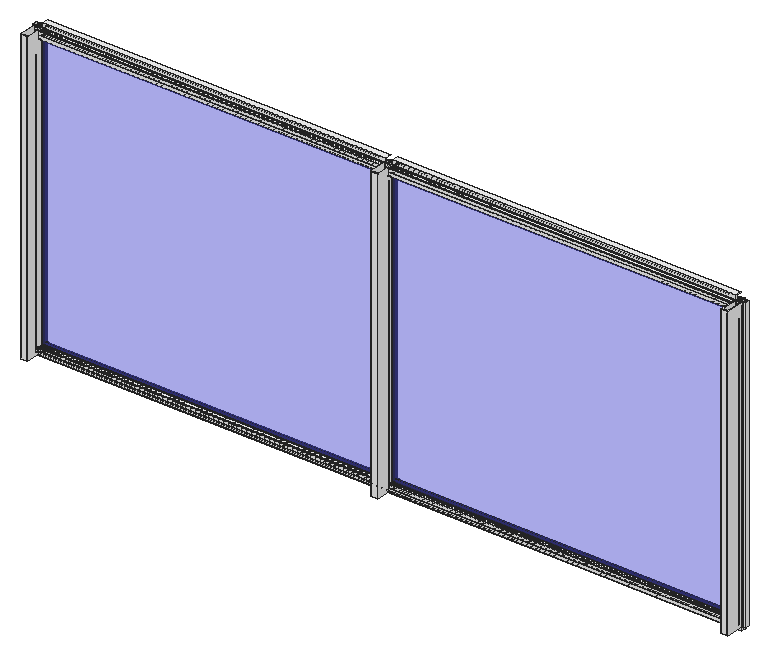
Revit family "Facade_60_Curtain_Wall_E21_Standard", category Windows, host Wall, Revit 2014 (continued)
Definition of nested family "F60 Vertical Profile Middle_E21_Std"
  Forms (mm)
    Extrusion 2, solid, material <- "Thermal Break Material"
      sketch origin (0, 0, 0) x (1, 0, 0) y (0, 1, 0)
        loop
          arc (53.05, 8.456) -> (53.474, 8.281) -> (53.65, 7.856) r 0.6
          line (53.65, 7.856) -> (53.65, 3.9) -> (60, 3.9) -> (60, 5.2) -> (58.25, 5.2) -> (58.25, 9.8) -> (30, 9.8) -> (1.75, 9.8)
      from 0 to 250 <- "Length"
    Extrusion 3, solid, material <- "Thermal Break Material", visible <- "Single Glazing"
      sketch origin (0, 0, 0) x (1, 0, 0) y (0, 1, 0)
        loop
          line (25.749, -14.011) -> (27.672, -14.011) -> (28.481, -12.611) -> (31.518, -12.611) -> (32.327, -14.011) -> (34.249, -14.011)
          arc (34.249, -14.011) -> (34.603, -13.864) -> (34.749, -13.511) r 0.5
          line (34.749, -13.511) -> (34.749, -10.011)
          arc (34.749, -10.011) -> (34.603, -9.657) -> (34.249, -9.511) r 0.5
          line (34.249, -9.511) -> (32.352, -9.511) -> (32.352, 0.19) -> (31.349, 2.261)
          arc (31.349, 2.261) -> (29.999, 2.986) -> (28.649, 2.261) r 1.62
          line (28.649, 2.261) -> (27.647, 0.19) -> (27.647, -9.511) -> (25.749, -9.511)
          arc (25.749, -9.511) -> (25.396, -9.657) -> (25.249, -10.011) r 0.5
          line (25.249, -10.011) -> (25.249, -13.511)
          arc (25.249, -13.511) -> (25.396, -13.864) -> (25.749, -14.011) r 0.5
        loop
          line (28.504, -10.005) -> (28.504, -10.861)
          arc (28.504, -10.861) -> (28.651, -11.214) -> (29.004, -11.361) r 0.5
          line (29.004, -11.361) -> (30.994, -11.361)
          arc (30.994, -11.361) -> (31.348, -11.214) -> (31.494, -10.861) r 0.5
          line (31.494, -10.861) -> (31.494, -10.005) -> (30.708, -9.219)
          arc (30.708, -9.219) -> (30.383, -9.001) -> (29.999, -8.924) r 1.007
          arc (29.999, -8.924) -> (29.616, -8.999) -> (29.292, -9.217) r 0.986
          line (29.292, -9.217) -> (28.504, -10.005)
        loop
          arc (30.896, 1.935) -> (29.887, 2.44) -> (29.005, 1.735) r 1.047
          line (29.005, 1.735) -> (28.347, 0.374) -> (28.347, -6.993)
          arc (28.347, -6.993) -> (28.583, -7.417) -> (29.068, -7.441) r 0.5
          arc (29.068, -7.441) -> (29.999, -7.223) -> (30.93, -7.441) r 2.099
          arc (30.93, -7.441) -> (31.416, -7.417) -> (31.652, -6.993) r 0.5
          line (31.652, -6.993) -> (31.652, 0.374) -> (30.896, 1.935)
      from 0 to 250 <- "Length"
    Extrusion 4, solid, material <- "Profile Material", visible <- "Single Glazing"
      sketch origin (0, 0, 0) x (1, 0, 0) y (0, 1, 0)
        loop
          line (52.693, -14.011) -> (32.327, -14.011) -> (31.519, -12.611) -> (28.481, -12.611) -> (27.673, -14.011) -> (7.307, -14.011) -> (7.307, -15.011) -> (8.457, -15.011) -> (8.457, -16.261) -> (2.957, -16.261) -> (2.957, -15.011) -> (4.107, -15.011) -> (4.107, -14.011) -> (1.707, -14.011)
          arc (1.707, -14.011) -> (1.199, -14.293) -> (1.168, -14.873) r 0.6
          line (1.168, -14.873) -> (2.093, -16.772) -> (1.015, -17.298) -> (1.484, -18.261) -> (11.488, -18.261)
          arc (11.488, -18.261) -> (11.913, -18.085) -> (12.088, -17.661) r 0.6
          line (12.088, -17.661) -> (12.088, -16.811) -> (47.912, -16.811) -> (47.912, -17.661)
          arc (47.912, -17.661) -> (48.088, -18.085) -> (48.512, -18.261) r 0.6
          line (48.512, -18.261) -> (58.518, -18.261) -> (58.987, -17.298) -> (57.908, -16.772) -> (58.834, -14.874)
          arc (58.834, -14.874) -> (58.802, -14.293) -> (58.293, -14.011) r 0.6
          line (58.293, -14.011) -> (55.893, -14.011) -> (55.893, -15.011) -> (57.043, -15.011) -> (57.043, -16.261) -> (51.543, -16.261) -> (51.543, -15.011) -> (52.693, -15.011) -> (52.693, -14.011)
      from 0 to 250 <- "Length"
    Extrusion 5, solid, material <- "Profile Material", visible <- "Single Glazing"
      sketch origin (0, 0, 0) x (1, 0, 0) y (0, 1, 0)
        loop
          line (2.801, -18.261) -> (1.484, -18.261) -> (1.015, -17.298) -> (2.093, -16.772) -> (0.779, -14.076)
          arc (0.779, -14.076) -> (0.239, -14.21) -> (0.001, -14.713) r 0.65
          line (0.001, -14.713) -> (0.001, -28.068)
          arc (0.001, -28.068) -> (1.172, -30.897) -> (4.001, -32.068) r 4
          line (4.001, -32.068) -> (30.001, -32.068) -> (56.001, -32.068)
          arc (56.001, -32.068) -> (58.829, -30.897) -> (60.001, -28.068) r 4
          line (60.001, -28.068) -> (60.001, -14.713)
          arc (60.001, -14.713) -> (59.763, -14.21) -> (59.223, -14.076) r 0.65
          line (59.223, -14.076) -> (57.908, -16.772) -> (58.987, -17.298) -> (58.518, -18.261) -> (57.201, -18.261)
          arc (57.201, -18.261) -> (56.83, -18.425) -> (56.703, -18.811) r 0.5
          arc (56.703, -18.811) -> (56.83, -19.196) -> (57.201, -19.361) r 0.5
          line (57.201, -19.361) -> (58.951, -19.361) -> (58.951, -27.968)
          arc (58.951, -27.968) -> (58.131, -29.948) -> (56.151, -30.768) r 2.8
          line (56.151, -30.768) -> (30.001, -30.768) -> (3.851, -30.768)
          arc (3.851, -30.768) -> (1.871, -29.948) -> (1.051, -27.968) r 2.8
          line (1.051, -27.968) -> (1.051, -19.361) -> (2.801, -19.361)
          arc (2.801, -19.361) -> (3.172, -19.196) -> (3.298, -18.811) r 0.5
          arc (3.298, -18.811) -> (3.172, -18.425) -> (2.801, -18.261) r 0.5
      from 0 to 250 <- "Length"
    Extrusion 6, solid, material <- "Profile Material", visible <- "100mm Mullion"
      sketch origin (0, 0, 0) x (1, 0, 0) y (0, 1, 0)
        loop
          line (14.02, 13) -> (45.98, 13)
          arc (45.98, 13) -> (46.539, 12.842) -> (46.917, 12.4) r 1
          arc (46.917, 12.4) -> (47.285, 11.963) -> (47.833, 11.8) r 1
          line (47.833, 11.8) -> (58.15, 11.8) -> (58.15, 96.3) -> (47.833, 96.3)
          arc (47.833, 96.3) -> (47.285, 96.137) -> (46.917, 95.7) r 1
          arc (46.917, 95.7) -> (46.548, 95.263) -> (46, 95.1) r 1
          line (46, 95.1) -> (14, 95.1)
          arc (14, 95.1) -> (13.452, 95.263) -> (13.083, 95.7) r 1
          arc (13.083, 95.7) -> (12.715, 96.137) -> (12.167, 96.3) r 1
          line (12.167, 96.3) -> (1.85, 96.3) -> (1.85, 11.8) -> (12.167, 11.8)
          arc (12.167, 11.8) -> (12.715, 11.963) -> (13.083, 12.4) r 1
          arc (13.083, 12.4) -> (13.461, 12.842) -> (14.02, 13) r 1
        loop
          line (1.65, 9.856) -> (58.35, 9.856) -> (58.35, 5.2) -> (60, 5.2) -> (60, 98.8)
          arc (60, 98.8) -> (59.707, 99.507) -> (59, 99.8) r 1
          line (59, 99.8) -> (1, 99.8)
          arc (1, 99.8) -> (0.293, 99.507) -> (0, 98.8) r 1
          line (0, 98.8) -> (0, 5.2) -> (1.65, 5.2) -> (1.65, 9.856)
      from 0 to 250 <- "Length"
    Extrusion 7, solid, material <- "Profile Material", visible <- "160mm Mullion"
      sketch origin (0, 0, 0) x (1, 0, 0) y (0, 1, 0)
        loop
          arc (2.35, 15.6) -> (2.526, 15.176) -> (2.95, 15) r 0.6
          line (2.95, 15) -> (57.05, 15)
          arc (57.05, 15) -> (57.474, 15.176) -> (57.65, 15.6) r 0.6
          line (57.65, 15.6) -> (57.65, 153.7)
          arc (57.65, 153.7) -> (57.474, 154.124) -> (57.05, 154.3) r 0.6
          line (57.05, 154.3) -> (47.833, 154.3)
          arc (47.833, 154.3) -> (47.285, 154.137) -> (46.917, 153.7) r 1
          arc (46.917, 153.7) -> (46.548, 153.263) -> (46, 153.1) r 1
          line (46, 153.1) -> (14, 153.1)
          arc (14, 153.1) -> (13.452, 153.263) -> (13.083, 153.7) r 1
          arc (13.083, 153.7) -> (12.715, 154.137) -> (12.167, 154.3) r 1
          line (12.167, 154.3) -> (2.95, 154.3)
          arc (2.95, 154.3) -> (2.526, 154.124) -> (2.35, 153.7) r 0.6
          line (2.35, 153.7) -> (2.35, 15.6)
        loop
          arc (1, 159.8) -> (0.293, 159.507) -> (0, 158.8) r 1
          line (0, 158.8) -> (0, 5.2) -> (1.65, 5.2) -> (1.65, 10.013) -> (58.35, 10.013) -> (58.35, 5.2) -> (60, 5.2) -> (60, 158.8)
          arc (60, 158.8) -> (59.707, 159.507) -> (59, 159.8) r 1
          line (59, 159.8) -> (1, 159.8)
      from 0 to 250 <- "Length"
    Extrusion 8, solid, material <- "Profile Material", visible <- "190mm Mullion"
      sketch origin (0, 0, 0) x (1, 0, 0) y (0, 1, 0)
        loop
          line (57.25, 15.1) -> (57.25, 178.3)
          arc (57.25, 178.3) -> (56.957, 179.007) -> (56.25, 179.3) r 1
          line (56.25, 179.3) -> (3.75, 179.3)
          arc (3.75, 179.3) -> (3.043, 179.007) -> (2.75, 178.3) r 1
          line (2.75, 178.3) -> (2.75, 15.1)
          arc (2.75, 15.1) -> (2.984, 14.534) -> (3.55, 14.3) r 0.8
          line (3.55, 14.3) -> (56.45, 14.3)
          arc (56.45, 14.3) -> (57.016, 14.534) -> (57.25, 15.1) r 0.8
        loop
          line (60, 5.2) -> (60, 188.8)
          arc (60, 188.8) -> (59.707, 189.507) -> (59, 189.8) r 1
          line (59, 189.8) -> (1, 189.8)
          arc (1, 189.8) -> (0.293, 189.507) -> (0, 188.8) r 1
          line (0, 188.8) -> (0, 5.2) -> (1.65, 5.2) -> (1.65, 9.856) -> (58.35, 9.856) -> (58.35, 5.2) -> (60, 5.2)
      from 0 to 250 <- "Length"
    Extrusion 9, solid, material <- "Thermal Break Material", visible <- "Double Glazing"
      sketch origin (0, 0, 0) x (1, 0, 0) y (0, 1, 0)
        loop
          line (27.672, -28) -> (28.48, -26.6) -> (31.518, -26.6) -> (32.326, -28) -> (34.249, -28)
          arc (34.249, -28) -> (34.603, -27.854) -> (34.749, -27.5) r 0.5
          line (34.749, -27.5) -> (34.749, -10)
          arc (34.749, -10) -> (34.603, -9.646) -> (34.249, -9.5) r 0.5
          line (34.249, -9.5) -> (32.352, -9.5) -> (32.352, 0.198) -> (31.348, 2.272)
          arc (31.348, 2.272) -> (29.998, 2.997) -> (28.648, 2.272) r 1.62
          line (28.648, 2.272) -> (27.645, 0.201) -> (27.645, -9.5) -> (25.749, -9.5)
          arc (25.749, -9.5) -> (25.396, -9.646) -> (25.249, -10) r 0.5
          line (25.249, -10) -> (25.249, -27.5)
          arc (25.249, -27.5) -> (25.396, -27.854) -> (25.749, -28) r 0.5
          line (25.749, -28) -> (27.672, -28)
        loop
          arc (30.706, -9.206) -> (30.382, -8.99) -> (29.999, -8.913) r 1.007
          arc (29.999, -8.913) -> (29.616, -8.988) -> (29.292, -9.206) r 0.986
          line (29.292, -9.206) -> (27.142, -11.356)
          arc (27.142, -11.356) -> (26.926, -11.68) -> (26.849, -12.063) r 1
          line (26.849, -12.063) -> (26.849, -24)
          arc (26.849, -24) -> (27.142, -24.707) -> (27.849, -25) r 1
          line (27.849, -25) -> (32.149, -25)
          arc (32.149, -25) -> (32.856, -24.707) -> (33.149, -24) r 1
          line (33.149, -24) -> (33.149, -12.063)
          arc (33.149, -12.063) -> (33.073, -11.68) -> (32.856, -11.356) r 1
          line (32.856, -11.356) -> (30.706, -9.206)
        loop
          arc (28.345, -6.982) -> (28.581, -7.407) -> (29.067, -7.43) r 0.5
          arc (29.067, -7.43) -> (29.998, -7.213) -> (30.929, -7.43) r 2.099
          arc (30.929, -7.43) -> (31.414, -7.407) -> (31.651, -6.982) r 0.5
          line (31.651, -6.982) -> (31.651, 0.385) -> (30.895, 1.946)
          arc (30.895, 1.946) -> (29.885, 2.45) -> (29.004, 1.745) r 1.047
          line (29.004, 1.745) -> (28.345, 0.385) -> (28.345, -6.982)
      from 0 to 250 <- "Length"
    Extrusion 10, solid, material <- "Profile Material", visible <- "Double Glazing"
      sketch origin (0, 0, 0) x (1, 0, 0) y (0, 1, 0)
        loop
          line (52.692, -28) -> (32.327, -28) -> (31.518, -26.6) -> (28.48, -26.6) -> (27.672, -28) -> (7.306, -28) -> (7.306, -29) -> (8.456, -29) -> (8.456, -30.25) -> (2.956, -30.25) -> (2.956, -29) -> (4.106, -29) -> (4.106, -28) -> (1.706, -28)
          arc (1.706, -28) -> (1.198, -28.282) -> (1.167, -28.863) r 0.6
          line (1.167, -28.863) -> (2.093, -30.762) -> (1.014, -31.288) -> (1.483, -32.25) -> (11.488, -32.25)
          arc (11.488, -32.25) -> (11.912, -32.074) -> (12.088, -31.65) r 0.6
          line (12.088, -31.65) -> (12.088, -30.8) -> (47.911, -30.8) -> (47.911, -31.65)
          arc (47.911, -31.65) -> (48.087, -32.074) -> (48.511, -32.25) r 0.6
          line (48.511, -32.25) -> (58.517, -32.25) -> (58.986, -31.288) -> (57.907, -30.762) -> (58.833, -28.864)
          arc (58.833, -28.864) -> (58.801, -28.282) -> (58.292, -28) r 0.6
          line (58.292, -28) -> (55.892, -28) -> (55.892, -29) -> (57.042, -29) -> (57.042, -30.25) -> (51.542, -30.25) -> (51.542, -29) -> (52.692, -29) -> (52.692, -28)
      from 0 to 250 <- "Length"
    Extrusion 11, solid, material <- "Profile Material", visible <- "Double Glazing"
      sketch origin (0, 0, 0) x (1, 0, 0) y (0, 1, 0)
        loop
          line (2.8, -32.25) -> (1.483, -32.25) -> (1.014, -31.288) -> (2.093, -30.762) -> (0.778, -28.065)
          arc (0.778, -28.065) -> (0.238, -28.2) -> (0, -28.702) r 0.65
          line (0, -28.702) -> (0, -42.058)
          arc (0, -42.058) -> (1.172, -44.886) -> (4, -46.058) r 4
          line (4, -46.058) -> (30, -46.058) -> (56, -46.058)
          arc (56, -46.058) -> (58.828, -44.886) -> (60, -42.058) r 4
          line (60, -42.058) -> (60, -28.702)
          arc (60, -28.702) -> (59.762, -28.2) -> (59.222, -28.065) r 0.65
          line (59.222, -28.065) -> (57.907, -30.762) -> (58.986, -31.288) -> (58.517, -32.25) -> (57.2, -32.25)
          arc (57.2, -32.25) -> (56.829, -32.415) -> (56.703, -32.8) r 0.5
          arc (56.703, -32.8) -> (56.829, -33.185) -> (57.2, -33.35) r 0.5
          line (57.2, -33.35) -> (58.95, -33.35) -> (58.95, -41.958)
          arc (58.95, -41.958) -> (58.13, -43.938) -> (56.15, -44.758) r 2.8
          line (56.15, -44.758) -> (30, -44.758) -> (3.85, -44.758)
          arc (3.85, -44.758) -> (1.87, -43.938) -> (1.05, -41.958) r 2.8
          line (1.05, -41.958) -> (1.05, -33.35) -> (2.8, -33.35)
          arc (2.8, -33.35) -> (3.171, -33.185) -> (3.297, -32.8) r 0.5
          arc (3.297, -32.8) -> (3.171, -32.415) -> (2.8, -32.25) r 0.5
      from 0 to 250 <- "Length"
    Extrusion 12, solid, material <- "Profile Material", visible <- "Double Glazing"
      sketch origin (0, 0, 0) x (1, 0, 0) y (0, 1, 0)
        loop
          line (12, -7.775) -> (0, -7.775) -> (0, -25.775) -> (12, -25.775) -> (12, -7.775)
        loop
          line (10.8, -8.975) -> (1.2, -8.975) -> (1.2, -24.575) -> (10.8, -24.575) -> (10.8, -8.975)
      from 0 to 250 <- "Length"
  Lines and regions (mm)
    model lines, style "GenericModelHiddenLines", visible <- "Half 100mm Expansion Break"
      curve 1: line (60, 5.2, 125) -> (60, 95.2, 125)
      curve 2: line (60, 99.8, 125) -> (0, 99.8, 125)
      curve 8: line (0, 5.2, 125) -> (0, 95.2, 125)
    model lines, style "GenericModelHiddenLines", visible <- "Quarter 100mm Expansion Break"
      curve 3: line (60, 5.2, 187.5) -> (60, 95.2, 187.5)
      curve 4: line (60, 5.2, 62.5) -> (60, 95.2, 62.5)
      curve 5: line (60, 99.8, 62.5) -> (0, 99.8, 62.5)
      curve 6: line (60, 99.8, 187.5) -> (0, 99.8, 187.5)
      curve 7: line (0, 5.2, 187.5) -> (0, 95.2, 187.5)
      curve 9: line (0, 5.2, 62.5) -> (0, 95.2, 62.5)
    model lines, style "GenericModelHiddenLines", visible <- "Half SG Expansion Break"
      curve 10: line (4.107, -32.068, 125) -> (55.893, -32.068, 125)
      curve 14: line (60.001, -14.011, 125) -> (60.001, -32.068, 125)
    model lines, style "GenericModelHiddenLines", visible <- "Quarter SG Expansion Break"
      curve 11: line (4.107, -32.068, 187.5) -> (56.703, -32.068, 187.5)
      curve 12: line (4.107, -32.068, 62.5) -> (56.703, -32.068, 62.5)
      curve 13: line (60.001, -14.011, 187.5) -> (60.001, -32.068, 187.5)
      curve 15: line (60.001, -14.011, 62.5) -> (60.001, -32.068, 62.5)
    model lines, style "GenericModelHiddenLines", visible <- "Quarter 160mm Expansion Break"
      curve 16: line (0, 5.2, 187.5) -> (0, 155.2, 187.5)
      curve 18: line (0, 5.2, 62.5) -> (0, 155.2, 62.5)
      curve 19: line (0, 159.8, 187.5) -> (60, 159.8, 187.5)
      curve 21: line (0, 159.8, 62.5) -> (60, 159.8, 62.5)
      curve 22: line (60, 5.2, 187.5) -> (60, 155.2, 187.5)
      curve 24: line (60, 5.2, 62.5) -> (60, 155.2, 62.5)
    model lines, style "GenericModelHiddenLines", visible <- "Half 160mm Expansion Break"
      curve 17: line (0, 5.2, 125) -> (0, 155.2, 125)
      curve 20: line (0, 159.8, 125) -> (60, 159.8, 125)
      curve 23: line (60, 5.2, 125) -> (60, 155.2, 125)
    model lines, style "GenericModelHiddenLines", visible <- "Quarter 190mm Expansion Break"
      curve 25: line (0, 5.2, 187.5) -> (0, 185.2, 187.5)
      curve 27: line (0, 5.2, 62.5) -> (0, 185.2, 62.5)
      curve 28: line (0.779, 189.8, 187.5) -> (59.222, 189.8, 187.5)
      curve 30: line (0.779, 189.8, 62.5) -> (59.222, 189.8, 62.5)
      curve 31: line (60, 5.2, 187.5) -> (60, 185.2, 187.5)
      curve 33: line (60, 5.2, 62.5) -> (60, 185.2, 62.5)
    model lines, style "GenericModelHiddenLines", visible <- "Half 190mm Expansion Joint"
      curve 26: line (0, 5.2, 125) -> (0, 185.2, 125)
      curve 29: line (0.779, 189.8, 125) -> (59.222, 189.8, 125)
      curve 32: line (60, 5.2, 125) -> (60, 185.2, 125)
    model lines, style "GenericModelHiddenLines", visible <- "Quarter DG Expansion Break"
      curve 34: line (60, -28.065, 187.5) -> (60, -46.074, 187.5)
      curve 36: line (60, -28.065, 62.5) -> (60, -46.027, 62.5)
      curve 37: line (59.222, -46.058, 187.5) -> (0.779, -46.058, 187.5)
      curve 39: line (59.222, -46.058, 62.5) -> (0.779, -46.058, 62.5)
    model lines, style "GenericModelHiddenLines", visible <- "Half DG Expansion Break"
      curve 35: line (60, -28.065, 125) -> (60, -46.074, 125)
      curve 38: line (59.222, -46.058, 125) -> (0.779, -46.058, 125)
  Dimensions and locks
    "Half Length": curve 1 to level
    "Half Length": level to curve 2
    "Quarter Length": curve 4 to level
    "Quarter Length": Extrusion 8 to curve 3
    "Quarter Length": level to curve 5
    "Quarter Length": curve 6 to Extrusion 6
    "Quarter Length": curve 9 to level
    "Half Length": curve 8 to level
    "Quarter Length": Extrusion 8 to curve 7
    "Quarter Length": curve 12 to level
    "Half Length": curve 10 to level
    "Quarter Length": Extrusion 5 to curve 11
    "Quarter Length": curve 15 to level
    "Half Length": curve 14 to level
    "Quarter Length": Extrusion 5 to curve 13
    "Quarter Length": Extrusion 7 to curve 18
    "Half Length": Extrusion 7 to curve 17
    "Quarter Length": Extrusion 7 to curve 16
    "Quarter Length": Extrusion 7 to curve 21
    "Quarter Length": curve 19 to Extrusion 7
    "Half Length": Extrusion 7 to curve 20
    "Quarter Length": Extrusion 7 to curve 24
    "Quarter Length": Extrusion 7 to curve 22
    "Half Length": Extrusion 7 to curve 23
    "Quarter Length": Extrusion 8 to curve 27
    "Quarter Length": Extrusion 8 to curve 25
    "Half Length": Extrusion 8 to curve 26
    "Quarter Length": Extrusion 8 to curve 30
    "Quarter Length": curve 28 to Extrusion 8
    "Half Length": Extrusion 8 to curve 29
    "Quarter Length": Extrusion 8 to curve 33
    "Quarter Length": Extrusion 8 to curve 31
    "Half Length": Extrusion 8 to curve 32
    "Quarter Length": Extrusion 11 to curve 36
    "Quarter Length": Extrusion 11 to curve 34
    "Half Length": Extrusion 11 to curve 35
    "Quarter Length": Extrusion 11 to curve 37
    "Quarter Length": curve 39 to Extrusion 11
    "Half Length": curve 38 to Extrusion 11
    aligned and locked: level to plane 2
  Automatic sketch dimensions
    Extrusion 1 sketch curve to plane 3 "Center (Left/Right)" = 0 mm
    plane 1 "Center (Front/Back)" to Extrusion 1 sketch curve = 0 mm  (x4)
    plane 3 "Center (Left/Right)" to Extrusion 1 sketch curve = 0.5 mm
    Extrusion 1 sketch curve to Extrusion 1 sketch curve = 0.7 mm  (x2)
    Extrusion 1 sketch curve to Extrusion 1 sketch curve = 1.15 mm  (x4)
    Extrusion 1 sketch curve to Extrusion 1 sketch curve = 3.2 mm  (x2)
    Extrusion 1 sketch curve to Extrusion 1 sketch curve = 0.9 mm
    Extrusion 1 sketch curve to Extrusion 1 sketch curve = 0.25 mm
    Extrusion 1 sketch curve to Extrusion 1 sketch curve = 0.8 mm  (x7)
    Extrusion 1 sketch curve to Extrusion 1 sketch curve = 1.45 mm  (x2)
    Extrusion 1 sketch curve to Extrusion 1 sketch curve = 0.65 mm  (x3)
    Extrusion 1 sketch curve to Extrusion 1 sketch curve = 0.95 mm  (x3)
    Extrusion 1 sketch curve to Extrusion 1 sketch curve = 0.6 mm  (x3)
    Extrusion 1 sketch curve to plane 1 "Center (Front/Back)" = 7 mm
    Extrusion 1 sketch curve to Extrusion 1 sketch curve = 14.999 mm  (x2)
    plane 1 "Center (Front/Back)" to Extrusion 1 sketch curve = 8.7 mm
    Extrusion 1 sketch curve to Extrusion 1 sketch curve = 1.85 mm
    Extrusion 1 sketch curve to Extrusion 1 sketch curve = 2.9 mm
    Extrusion 1 sketch curve to Extrusion 1 sketch curve = 5.802 mm
    Extrusion 1 sketch curve to Extrusion 1 sketch curve = 1.049 mm
    Extrusion 1 sketch curve to plane 1 "Center (Front/Back)" = 4.55 mm
    Extrusion 1 sketch curve to plane 1 "Center (Front/Back)" = 0.5 mm  (x3)
    Extrusion 1 sketch curve to Extrusion 1 sketch curve = 1.2 mm
    Extrusion 1 sketch curve to plane 1 "Center (Front/Back)" = 1.15 mm  (x2)
    Extrusion 1 sketch curve to Extrusion 1 sketch curve = 0 mm
    Extrusion 1 sketch curve to Extrusion 1 sketch curve = 1.3 mm  (x2)
    Extrusion 1 sketch curve to Extrusion 1 sketch curve = 0.05 mm  (x2)
    Extrusion 1 sketch curve to Extrusion 1 sketch curve = 0.85 mm  (x2)
    Extrusion 1 sketch curve to plane 1 "Center (Front/Back)" = 6.2 mm
    Extrusion 2 sketch curve to plane 3 "Center (Left/Right)" = 0 mm
    plane 3 "Center (Left/Right)" to Extrusion 2 sketch curve = 1.75 mm
    Extrusion 2 sketch curve to Extrusion 2 sketch curve = 4.6 mm  (x4)
    Extrusion 2 sketch curve to Extrusion 2 sketch curve = 0.6 mm  (x2)
    Extrusion 2 sketch curve to plane 1 "Center (Front/Back)" = 9.8 mm
    Extrusion 2 sketch curve to Extrusion 2 sketch curve = 23.05 mm  (x2)
    Extrusion 2 sketch curve to Extrusion 2 sketch curve = 0 mm
    Extrusion 2 sketch curve to plane 1 "Center (Front/Back)" = 8.456 mm
    Extrusion 2 sketch curve to Extrusion 2 sketch curve = 1.75 mm
    Extrusion 2 sketch curve to plane 1 "Center (Front/Back)" = 3.9 mm  (x2)
    plane 3 "Center (Left/Right)" to Extrusion 3 sketch curve = 25.249 mm
    Extrusion 3 sketch curve to Extrusion 3 sketch curve = 0.5 mm  (x6)
    Extrusion 3 sketch curve to plane 1 "Center (Front/Back)" = 0.19 mm  (x2)
    Extrusion 3 sketch curve to Extrusion 3 sketch curve = 1.897 mm  (x2)
    Extrusion 3 sketch curve to Extrusion 3 sketch curve = 1.922 mm  (x2)
    Extrusion 3 sketch curve to plane 1 "Center (Front/Back)" = 0.374 mm  (x2)
    Extrusion 3 sketch curve to Extrusion 3 sketch curve = 0.7 mm  (x2)
    plane 1 "Center (Front/Back)" to Extrusion 3 sketch curve = 12.611 mm
    Extrusion 3 sketch curve to Extrusion 3 sketch curve = 0.809 mm
    Extrusion 3 sketch curve to Extrusion 3 sketch curve = 0.858 mm
    Extrusion 3 sketch curve to plane 1 "Center (Front/Back)" = 2.261 mm  (x2)
    Extrusion 3 sketch curve to Extrusion 3 sketch curve = 0.303 mm
    Extrusion 3 sketch curve to plane 1 "Center (Front/Back)" = 1.735 mm
    Extrusion 3 sketch curve to Extrusion 3 sketch curve = 0.356 mm
    plane 1 "Center (Front/Back)" to Extrusion 3 sketch curve = 9.217 mm
    Extrusion 3 sketch curve to Extrusion 3 sketch curve = 0.788 mm
    Extrusion 3 sketch curve to Extrusion 3 sketch curve = 0.701 mm
    Extrusion 3 sketch curve to Extrusion 3 sketch curve = 0.003 mm
    Extrusion 3 sketch curve to Extrusion 3 sketch curve = 0.992 mm
    Extrusion 3 sketch curve to Extrusion 3 sketch curve = 0.006 mm
    Extrusion 3 sketch curve to Extrusion 3 sketch curve = 0.002 mm
    plane 1 "Center (Front/Back)" to Extrusion 3 sketch curve = 9.219 mm
    Extrusion 3 sketch curve to Extrusion 3 sketch curve = 0.709 mm
    Extrusion 3 sketch curve to plane 1 "Center (Front/Back)" = 1.935 mm
    Extrusion 3 sketch curve to Extrusion 3 sketch curve = 0.899 mm
    Extrusion 3 sketch curve to Extrusion 3 sketch curve = 0.998 mm
    Extrusion 3 sketch curve to Extrusion 3 sketch curve = 0.444 mm
    Extrusion 3 sketch curve to Extrusion 3 sketch curve = 0.524 mm
    Extrusion 3 sketch curve to Extrusion 3 sketch curve = 0.756 mm
    Extrusion 3 sketch curve to Extrusion 3 sketch curve = 0.808 mm
    Extrusion 3 sketch curve to Extrusion 3 sketch curve = 0.9 mm  (x2)
    Extrusion 3 sketch curve to Extrusion 3 sketch curve = 1.25 mm
    Extrusion 3 sketch curve to Extrusion 3 sketch curve = 0.85 mm  (x2)
    Extrusion 3 sketch curve to Extrusion 3 sketch curve = 0.856 mm  (x2)
    Extrusion 3 sketch curve to Extrusion 3 sketch curve = 0.714 mm
    Extrusion 3 sketch curve to Extrusion 3 sketch curve = 0.02 mm
    Extrusion 3 sketch curve to Extrusion 3 sketch curve = 0.399 mm
    Extrusion 3 sketch curve to Extrusion 3 sketch curve = 2.224 mm
    Extrusion 3 sketch curve to Extrusion 3 sketch curve = 0.448 mm
    Extrusion 3 sketch curve to Extrusion 3 sketch curve = 0.032 mm
    Extrusion 3 sketch curve to Extrusion 3 sketch curve = 0 mm
    plane 3 "Center (Left/Right)" to Extrusion 4 sketch curve = 1.015 mm
    Extrusion 4 sketch curve to Extrusion 4 sketch curve = 0.469 mm
    plane 3 "Center (Left/Right)" to Extrusion 4 sketch curve = 1.707 mm
    Extrusion 4 sketch curve to Extrusion 4 sketch curve = 1.079 mm
    Extrusion 4 sketch curve to Extrusion 4 sketch curve = 0.864 mm
    Extrusion 4 sketch curve to Extrusion 4 sketch curve = 1.15 mm  (x4)
    Extrusion 4 sketch curve to Extrusion 4 sketch curve = 3.2 mm  (x2)
    Extrusion 4 sketch curve to Extrusion 4 sketch curve = 3.031 mm  (x2)
    Extrusion 4 sketch curve to Extrusion 4 sketch curve = 0.6 mm  (x3)
    Extrusion 4 sketch curve to Extrusion 4 sketch curve = 15.584 mm  (x2)
    plane 1 "Center (Front/Back)" to Extrusion 4 sketch curve = 12.611 mm
    Extrusion 4 sketch curve to Extrusion 4 sketch curve = 0.808 mm  (x2)
    Extrusion 4 sketch curve to Extrusion 4 sketch curve = 3.038 mm
    plane 1 "Center (Front/Back)" to Extrusion 4 sketch curve = 14.011 mm
    plane 1 "Center (Front/Back)" to Extrusion 4 sketch curve = 16.772 mm
    Extrusion 4 sketch curve to Extrusion 4 sketch curve = 0.865 mm
    Extrusion 4 sketch curve to Extrusion 4 sketch curve = 1.25 mm  (x4)
    plane 1 "Center (Front/Back)" to Extrusion 4 sketch curve = 18.261 mm
    Extrusion 4 sketch curve to Extrusion 4 sketch curve = 0.61 mm
    plane 1 "Center (Front/Back)" to Extrusion 4 sketch curve = 17.298 mm
    Extrusion 4 sketch curve to Extrusion 4 sketch curve = 5.65 mm
    Extrusion 4 sketch curve to Extrusion 4 sketch curve = 0.962 mm
    Extrusion 4 sketch curve to Extrusion 4 sketch curve = 0.85 mm
    Extrusion 4 sketch curve to Extrusion 4 sketch curve = 0.512 mm  (x2)
    Extrusion 4 sketch curve to Extrusion 4 sketch curve = 1 mm  (x2)
    Extrusion 4 sketch curve to Extrusion 4 sketch curve = 0.4 mm  (x2)
    Extrusion 4 sketch curve to Extrusion 4 sketch curve = 1.4 mm
    Extrusion 4 sketch curve to Extrusion 4 sketch curve = 0.539 mm  (x2)
    Extrusion 4 sketch curve to Extrusion 4 sketch curve = 0 mm
    plane 1 "Center (Front/Back)" to Extrusion 4 sketch curve = 14.874 mm
    plane 3 "Center (Left/Right)" to Extrusion 5 sketch curve = 0.001 mm
    Extrusion 5 sketch curve to Extrusion 5 sketch curve = 0.65 mm  (x2)
    Extrusion 5 sketch curve to Extrusion 5 sketch curve = 0.128 mm  (x2)
    plane 3 "Center (Left/Right)" to Extrusion 5 sketch curve = 1.015 mm
    plane 3 "Center (Left/Right)" to Extrusion 5 sketch curve = 1.051 mm
    Extrusion 5 sketch curve to Extrusion 5 sketch curve = 0.469 mm  (x2)
    Extrusion 5 sketch curve to Extrusion 5 sketch curve = 1.079 mm
    Extrusion 5 sketch curve to Extrusion 5 sketch curve = 1.317 mm  (x2)
    Extrusion 5 sketch curve to Extrusion 5 sketch curve = 0 mm  (x3)
    plane 3 "Center (Left/Right)" to Extrusion 5 sketch curve = 3.851 mm
    Extrusion 5 sketch curve to Extrusion 5 sketch curve = 0.15 mm  (x2)
    Extrusion 5 sketch curve to Extrusion 5 sketch curve = 26 mm  (x2)
    Extrusion 5 sketch curve to Extrusion 5 sketch curve = 1.05 mm
    plane 1 "Center (Front/Back)" to Extrusion 5 sketch curve = 16.772 mm
    Extrusion 5 sketch curve to Extrusion 5 sketch curve = 0.707 mm
    Extrusion 5 sketch curve to Extrusion 5 sketch curve = 0.433 mm
    plane 1 "Center (Front/Back)" to Extrusion 5 sketch curve = 17.298 mm
    plane 1 "Center (Front/Back)" to Extrusion 5 sketch curve = 14.076 mm
    Extrusion 5 sketch curve to Extrusion 5 sketch curve = 0.5 mm  (x2)
    plane 1 "Center (Front/Back)" to Extrusion 5 sketch curve = 18.761 mm
    Extrusion 5 sketch curve to Extrusion 5 sketch curve = 0.1 mm  (x3)
    Extrusion 5 sketch curve to Extrusion 5 sketch curve = 1.1 mm  (x2)
    Extrusion 5 sketch curve to Extrusion 5 sketch curve = 8.608 mm
    Extrusion 5 sketch curve to Extrusion 5 sketch curve = 0.962 mm
    Extrusion 6 sketch curve to plane 3 "Center (Left/Right)" = 0 mm
    plane 3 "Center (Left/Right)" to Extrusion 6 sketch curve = 1 mm
    plane 3 "Center (Left/Right)" to Extrusion 6 sketch curve = 1.65 mm
    plane 3 "Center (Left/Right)" to Extrusion 6 sketch curve = 1.85 mm
    Extrusion 6 sketch curve to Extrusion 6 sketch curve = 10.317 mm  (x3)
    Extrusion 6 sketch curve to Extrusion 6 sketch curve = 1.833 mm  (x4)
    Extrusion 6 sketch curve to Extrusion 6 sketch curve = 0.02 mm  (x2)
    Extrusion 6 sketch curve to plane 1 "Center (Front/Back)" = 13 mm
    Extrusion 6 sketch curve to Extrusion 6 sketch curve = 31.961 mm
    Extrusion 6 sketch curve to Extrusion 6 sketch curve = 32 mm
    Extrusion 6 sketch curve to Extrusion 6 sketch curve = 0.2 mm  (x5)
    Extrusion 6 sketch curve to Extrusion 6 sketch curve = 0.85 mm
    Extrusion 6 sketch curve to Extrusion 6 sketch curve = 1.65 mm
    Extrusion 6 sketch curve to Extrusion 6 sketch curve = 1 mm  (x8)
    Extrusion 6 sketch curve to Extrusion 6 sketch curve = 1.944 mm
    Extrusion 6 sketch curve to Extrusion 6 sketch curve = 4.656 mm  (x2)
    Extrusion 6 sketch curve to Extrusion 6 sketch curve = 82.1 mm
    Extrusion 6 sketch curve to Extrusion 6 sketch curve = 2.5 mm
    Extrusion 7 sketch curve to plane 3 "Center (Left/Right)" = 0 mm
    Extrusion 7 sketch curve to Extrusion 7 sketch curve = 1 mm  (x3)
    plane 3 "Center (Left/Right)" to Extrusion 7 sketch curve = 1.65 mm
    plane 3 "Center (Left/Right)" to Extrusion 7 sketch curve = 2.35 mm
    Extrusion 7 sketch curve to Extrusion 7 sketch curve = 0.6 mm  (x3)
    Extrusion 7 sketch curve to Extrusion 7 sketch curve = 9.217 mm  (x2)
    Extrusion 7 sketch curve to Extrusion 7 sketch curve = 1.833 mm  (x2)
    Extrusion 7 sketch curve to Extrusion 7 sketch curve = 32 mm
    Extrusion 7 sketch curve to plane 1 "Center (Front/Back)" = 15 mm
    Extrusion 7 sketch curve to Extrusion 7 sketch curve = 54.1 mm
    Extrusion 7 sketch curve to Extrusion 7 sketch curve = 1.3 mm
    Extrusion 7 sketch curve to Extrusion 7 sketch curve = 1.95 mm
    Extrusion 7 sketch curve to Extrusion 7 sketch curve = 1.65 mm
    Extrusion 7 sketch curve to Extrusion 7 sketch curve = 4.987 mm
    Extrusion 7 sketch curve to Extrusion 7 sketch curve = 4.813 mm
    Extrusion 7 sketch curve to Extrusion 7 sketch curve = 4.812 mm
    Extrusion 7 sketch curve to Extrusion 7 sketch curve = 137.5 mm
    Extrusion 7 sketch curve to Extrusion 7 sketch curve = 0.2 mm  (x2)
    Extrusion 7 sketch curve to Extrusion 7 sketch curve = 0.4 mm  (x2)
    Extrusion 7 sketch curve to Extrusion 7 sketch curve = 4.5 mm
    Extrusion 8 sketch curve to plane 3 "Center (Left/Right)" = 0 mm
    Extrusion 8 sketch curve to Extrusion 8 sketch curve = 1 mm  (x3)
    plane 3 "Center (Left/Right)" to Extrusion 8 sketch curve = 1.65 mm
    plane 3 "Center (Left/Right)" to Extrusion 8 sketch curve = 2.75 mm
    Extrusion 8 sketch curve to Extrusion 8 sketch curve = 0.8 mm  (x2)
    Extrusion 8 sketch curve to Extrusion 8 sketch curve = 52.5 mm
    Extrusion 8 sketch curve to plane 1 "Center (Front/Back)" = 15.1 mm
    Extrusion 8 sketch curve to Extrusion 8 sketch curve = 52.9 mm
    Extrusion 8 sketch curve to Extrusion 8 sketch curve = 1.9 mm
    Extrusion 8 sketch curve to Extrusion 8 sketch curve = 2.75 mm
    Extrusion 8 sketch curve to Extrusion 8 sketch curve = 4.444 mm
    Extrusion 8 sketch curve to Extrusion 8 sketch curve = 4.656 mm  (x2)
    Extrusion 8 sketch curve to Extrusion 8 sketch curve = 163.2 mm
    Extrusion 8 sketch curve to Extrusion 8 sketch curve = 9.5 mm
    plane 3 "Center (Left/Right)" to Extrusion 9 sketch curve = 25.249 mm
    Extrusion 9 sketch curve to Extrusion 9 sketch curve = 0.5 mm  (x4)
    Extrusion 9 sketch curve to Extrusion 9 sketch curve = 1.1 mm
    plane 1 "Center (Front/Back)" to Extrusion 9 sketch curve = 11.356 mm  (x2)
    Extrusion 9 sketch curve to Extrusion 9 sketch curve = 0.293 mm  (x2)
    Extrusion 9 sketch curve to Extrusion 9 sketch curve = 1.896 mm
    Extrusion 9 sketch curve to Extrusion 9 sketch curve = 1.922 mm
    Extrusion 9 sketch curve to Extrusion 9 sketch curve = 1 mm  (x2)
    Extrusion 9 sketch curve to Extrusion 9 sketch curve = 0.7 mm
    Extrusion 9 sketch curve to Extrusion 9 sketch curve = 0.808 mm
    Extrusion 9 sketch curve to plane 1 "Center (Front/Back)" = 2.272 mm  (x2)
    Extrusion 9 sketch curve to Extrusion 9 sketch curve = 0.303 mm
    Extrusion 9 sketch curve to plane 1 "Center (Front/Back)" = 1.745 mm
    Extrusion 9 sketch curve to Extrusion 9 sketch curve = 0.356 mm
    plane 1 "Center (Front/Back)" to Extrusion 9 sketch curve = 9.206 mm  (x2)
    Extrusion 9 sketch curve to Extrusion 9 sketch curve = 1.647 mm
    Extrusion 9 sketch curve to Extrusion 9 sketch curve = 0.701 mm
    Extrusion 9 sketch curve to Extrusion 9 sketch curve = 0.992 mm
    Extrusion 9 sketch curve to Extrusion 9 sketch curve = 0.003 mm
    Extrusion 9 sketch curve to Extrusion 9 sketch curve = 0.002 mm
    Extrusion 9 sketch curve to Extrusion 9 sketch curve = 0.004 mm
    Extrusion 9 sketch curve to Extrusion 9 sketch curve = 0.708 mm
    Extrusion 9 sketch curve to plane 1 "Center (Front/Back)" = 1.946 mm
    Extrusion 9 sketch curve to Extrusion 9 sketch curve = 0.899 mm
    Extrusion 9 sketch curve to Extrusion 9 sketch curve = 0.444 mm
    Extrusion 9 sketch curve to Extrusion 9 sketch curve = 3.038 mm
    Extrusion 9 sketch curve to plane 1 "Center (Front/Back)" = 0.385 mm  (x2)
    Extrusion 9 sketch curve to Extrusion 9 sketch curve = 0.756 mm
    Extrusion 9 sketch curve to Extrusion 9 sketch curve = 2.153 mm
    Extrusion 9 sketch curve to Extrusion 9 sketch curve = 0.631 mm
    Extrusion 9 sketch curve to Extrusion 9 sketch curve = 0.807 mm
    Extrusion 9 sketch curve to Extrusion 9 sketch curve = 1.646 mm
    Extrusion 9 sketch curve to Extrusion 9 sketch curve = 0.707 mm
    Extrusion 9 sketch curve to Extrusion 9 sketch curve = 1.393 mm
    Extrusion 9 sketch curve to Extrusion 9 sketch curve = 1.923 mm
    Extrusion 9 sketch curve to Extrusion 9 sketch curve = 11.937 mm
    Extrusion 9 sketch curve to Extrusion 9 sketch curve = 1.6 mm
    Extrusion 9 sketch curve to Extrusion 9 sketch curve = 0.9 mm  (x2)
    Extrusion 9 sketch curve to Extrusion 9 sketch curve = 1.356 mm  (x2)
    Extrusion 9 sketch curve to Extrusion 9 sketch curve = 0.714 mm
    Extrusion 9 sketch curve to Extrusion 9 sketch curve = 0.02 mm
    Extrusion 9 sketch curve to Extrusion 9 sketch curve = 0.399 mm
    Extrusion 9 sketch curve to Extrusion 9 sketch curve = 2.224 mm
    Extrusion 9 sketch curve to Extrusion 9 sketch curve = 0.448 mm
    Extrusion 9 sketch curve to plane 1 "Center (Front/Back)" = 0.198 mm
    Extrusion 9 sketch curve to plane 1 "Center (Front/Back)" = 0.201 mm
    Extrusion 9 sketch curve to Extrusion 9 sketch curve = 0.032 mm
    Extrusion 9 sketch curve to Extrusion 9 sketch curve = 0 mm
    plane 3 "Center (Left/Right)" to Extrusion 10 sketch curve = 1.014 mm
    Extrusion 10 sketch curve to Extrusion 10 sketch curve = 0.469 mm  (x2)
    plane 3 "Center (Left/Right)" to Extrusion 10 sketch curve = 1.706 mm
    Extrusion 10 sketch curve to Extrusion 10 sketch curve = 1.079 mm
    Extrusion 10 sketch curve to Extrusion 10 sketch curve = 0.864 mm
    Extrusion 10 sketch curve to Extrusion 10 sketch curve = 1.15 mm  (x4)
    Extrusion 10 sketch curve to Extrusion 10 sketch curve = 3.2 mm  (x2)
    Extrusion 10 sketch curve to Extrusion 10 sketch curve = 3.031 mm  (x2)
    Extrusion 10 sketch curve to Extrusion 10 sketch curve = 0.6 mm  (x3)
    Extrusion 10 sketch curve to Extrusion 10 sketch curve = 15.584 mm  (x2)
    Extrusion 10 sketch curve to Extrusion 10 sketch curve = 0.808 mm  (x2)
    Extrusion 10 sketch curve to Extrusion 10 sketch curve = 3.038 mm
    Extrusion 10 sketch curve to Extrusion 10 sketch curve = 0.865 mm
    Extrusion 10 sketch curve to Extrusion 10 sketch curve = 1.25 mm  (x5)
    Extrusion 10 sketch curve to Extrusion 10 sketch curve = 0.61 mm
    plane 1 "Center (Front/Back)" to Extrusion 10 sketch curve = 31.288 mm
    Extrusion 10 sketch curve to Extrusion 10 sketch curve = 0.362 mm
    plane 1 "Center (Front/Back)" to Extrusion 10 sketch curve = 31.65 mm
    Extrusion 10 sketch curve to Extrusion 10 sketch curve = 0.962 mm
    Extrusion 10 sketch curve to Extrusion 10 sketch curve = 0.85 mm
    Extrusion 10 sketch curve to Extrusion 10 sketch curve = 0.512 mm  (x2)
    Extrusion 10 sketch curve to Extrusion 10 sketch curve = 0.4 mm  (x2)
    Extrusion 10 sketch curve to Extrusion 10 sketch curve = 1 mm
    Extrusion 10 sketch curve to Extrusion 10 sketch curve = 2.8 mm
    Extrusion 10 sketch curve to Extrusion 10 sketch curve = 0 mm  (x2)
    Extrusion 10 sketch curve to Extrusion 10 sketch curve = 1.4 mm
    Extrusion 10 sketch curve to Extrusion 10 sketch curve = 0.539 mm  (x2)
    plane 1 "Center (Front/Back)" to Extrusion 10 sketch curve = 28.864 mm
    Extrusion 11 sketch curve to plane 3 "Center (Left/Right)" = 0 mm
    plane 3 "Center (Left/Right)" to Extrusion 11 sketch curve = 0.65 mm
    Extrusion 11 sketch curve to Extrusion 11 sketch curve = 0.128 mm  (x2)
    plane 3 "Center (Left/Right)" to Extrusion 11 sketch curve = 1.014 mm
    plane 3 "Center (Left/Right)" to Extrusion 11 sketch curve = 1.05 mm
    Extrusion 11 sketch curve to Extrusion 11 sketch curve = 0.469 mm  (x2)
    Extrusion 11 sketch curve to Extrusion 11 sketch curve = 1.079 mm
    Extrusion 11 sketch curve to Extrusion 11 sketch curve = 1.317 mm  (x2)
    Extrusion 11 sketch curve to Extrusion 11 sketch curve = 0 mm  (x3)
    plane 3 "Center (Left/Right)" to Extrusion 11 sketch curve = 3.85 mm
    Extrusion 11 sketch curve to Extrusion 11 sketch curve = 0.15 mm  (x2)
    Extrusion 11 sketch curve to Extrusion 11 sketch curve = 26 mm  (x2)
    Extrusion 11 sketch curve to Extrusion 11 sketch curve = 1.05 mm
    Extrusion 11 sketch curve to Extrusion 11 sketch curve = 0.707 mm
    Extrusion 11 sketch curve to Extrusion 11 sketch curve = 0.433 mm
    plane 1 "Center (Front/Back)" to Extrusion 11 sketch curve = 31.288 mm
    plane 1 "Center (Front/Back)" to Extrusion 11 sketch curve = 28.065 mm
    Extrusion 11 sketch curve to Extrusion 11 sketch curve = 1.314 mm
    Extrusion 11 sketch curve to Extrusion 11 sketch curve = 0.65 mm
    Extrusion 11 sketch curve to Extrusion 11 sketch curve = 0.5 mm  (x2)
    plane 1 "Center (Front/Back)" to Extrusion 11 sketch curve = 32.75 mm
    Extrusion 11 sketch curve to Extrusion 11 sketch curve = 0.1 mm  (x3)
    Extrusion 11 sketch curve to Extrusion 11 sketch curve = 1.1 mm  (x2)
    Extrusion 11 sketch curve to Extrusion 11 sketch curve = 8.608 mm
    Extrusion 11 sketch curve to Extrusion 11 sketch curve = 0.962 mm
    Extrusion 12 sketch curve to plane 3 "Center (Left/Right)" = 0 mm
    plane 3 "Center (Left/Right)" to Extrusion 12 sketch curve = 1.2 mm
    Extrusion 12 sketch curve to Extrusion 12 sketch curve = 9.6 mm
    Extrusion 12 sketch curve to Extrusion 12 sketch curve = 1.2 mm  (x3)
    plane 1 "Center (Front/Back)" to Extrusion 12 sketch curve = 25.775 mm
    plane 1 "Center (Front/Back)" to Extrusion 12 sketch curve = 8.975 mm
    curve 4 to Extrusion 6 = 0 mm
    curve 3 to Extrusion 6 = 0 mm
    curve 1 to Extrusion 6 = 0 mm
    curve 4 to Extrusion 6 = 3.6 mm
    curve 3 to Extrusion 6 = 3.6 mm
    curve 1 to Extrusion 6 = 3.6 mm
    Extrusion 6 to curve 2 = 1 mm
    Extrusion 6 to curve 5 = 1 mm
    Extrusion 6 to curve 6 = 1 mm
    curve 6 to Extrusion 6 = 1 mm
    curve 5 to Extrusion 6 = 1 mm
    curve 2 to Extrusion 6 = 1 mm
    curve 9 to Extrusion 6 = 0 mm
    curve 8 to Extrusion 6 = 0 mm
    curve 7 to Extrusion 6 = 0 mm
    Extrusion 6 to curve 8 = 3.6 mm
    Extrusion 6 to curve 9 = 3.6 mm
    Extrusion 6 to curve 7 = 3.6 mm
    curve 12 to Extrusion 5 = 25.894 mm
    curve 11 to Extrusion 5 = 25.894 mm
    curve 10 to Extrusion 5 = 25.894 mm
    curve 10 to Extrusion 5 = 0.108 mm
    Extrusion 5 to curve 12 = 0.703 mm
    Extrusion 5 to curve 11 = 0.703 mm
    curve 13 to Extrusion 5 = 4 mm
    curve 14 to Extrusion 5 = 4 mm
    curve 15 to Extrusion 5 = 4 mm
    Extrusion 5 to curve 15 = 0.702 mm
    Extrusion 5 to curve 14 = 0.702 mm
    Extrusion 5 to curve 13 = 0.702 mm
    curve 18 to Extrusion 7 = 0 mm
    curve 17 to Extrusion 7 = 0 mm
    curve 16 to Extrusion 7 = 0 mm
    Extrusion 7 to curve 17 = 3.6 mm
    Extrusion 7 to curve 18 = 3.6 mm
    Extrusion 7 to curve 16 = 3.6 mm
    Extrusion 7 to curve 21 = 1 mm  (x2)
    Extrusion 7 to curve 20 = 1 mm  (x2)
    Extrusion 7 to curve 19 = 1 mm  (x2)
    curve 24 to Extrusion 7 = 0 mm
    curve 23 to Extrusion 7 = 0 mm
    curve 22 to Extrusion 7 = 0 mm
    curve 24 to Extrusion 7 = 3.6 mm
    curve 23 to Extrusion 7 = 3.6 mm
    curve 22 to Extrusion 7 = 3.6 mm
    curve 27 to Extrusion 8 = 0 mm
    curve 26 to Extrusion 8 = 0 mm
    curve 25 to Extrusion 8 = 0 mm
    Extrusion 8 to curve 26 = 3.6 mm
    Extrusion 8 to curve 27 = 3.6 mm
    Extrusion 8 to curve 25 = 3.6 mm
    Extrusion 8 to curve 30 = 0.221 mm
    Extrusion 8 to curve 29 = 0.221 mm
    Extrusion 8 to curve 28 = 0.221 mm
    curve 29 to Extrusion 8 = 0.222 mm
    curve 30 to Extrusion 8 = 0.222 mm
    curve 28 to Extrusion 8 = 0.222 mm
    curve 33 to Extrusion 8 = 0 mm
    curve 32 to Extrusion 8 = 0 mm
    curve 31 to Extrusion 8 = 0 mm
    curve 33 to Extrusion 8 = 3.6 mm
    curve 32 to Extrusion 8 = 3.6 mm
    curve 31 to Extrusion 8 = 3.6 mm
    curve 34 to Extrusion 11 = 4.016 mm
    curve 35 to Extrusion 11 = 4.016 mm
    curve 36 to Extrusion 11 = 3.97 mm
    Extrusion 11 to curve 36 = 0.637 mm
    Extrusion 11 to curve 35 = 0.637 mm
    Extrusion 11 to curve 34 = 0.637 mm
    curve 37 to Extrusion 11 = 29.221 mm
    curve 38 to Extrusion 11 = 29.221 mm
    curve 39 to Extrusion 11 = 29.221 mm
    Extrusion 11 to curve 39 = 3.222 mm
    Extrusion 11 to curve 38 = 3.222 mm
    Extrusion 11 to curve 37 = 3.222 mm
Types (33, lengths in mm): name | Windload Design | Width | Vertical Profile Length | Quarter Expansion Break | Overall Width | Overall Height | Mullion Side Gap | Mullion Configuration | Max Pane Area | Sill Length | Length Sill | Intruderprufe U Value | Intruderprufe SHGC Value | Intruderprufe LowE U Value | Intruderprufe LowE SHGC Value | Intruderprufe Insulated U Value | Intruderprufe Insulated SHGC Value | Intruderprufe Insulated LowE U Value | Intruderprufe Insulated LowE SHGC Value | Horizontal Profile Length | Glazing Width | Glazing Height | Glazing Gap SG | Glazing Gap DG | DG Thickness Calc | DG Thickness | Height | SG Thickness | Custom Curtain Wall Width | Custom Curtain Wall Height | Custom Windload | 190mm Mullion | 160mm Mullion | 100mm Mullion
  (no name) | 2000 | 5990 | 2460 | no | 5990 | 2490 | 2965 | 2 | 7.01123 m² | 5990 | 5990 | 5.73 | 0.738 | 3.99 | 0.646 | 2.97 | 0.634 | 2.27 | 0.571 | 2905 | 2945.4 | 2380.4 | 2 | 2 | 10 | 6 | 2490 | 10 | 5990 | 2490 | 2000 | no | yes | no
  F60-E21-1825-1000Pa | 1000 | 1790 | 2460 | no | 2000 | 3000 | 865 | 1 | 2.01239 m² | 1790 | 1790 | 5.64 | 0.697 | 4.15 | 0.611 | 3.1 | 0.6 | 2.45 | 0.541 | 805 | 845.4 | 2380.4 | 4.5 | 4 | 4 | 4 | 2490 | 5 | 1790 | 2490 | 1000 | no | no | yes
  F60-E21-1825-1500Pa | 1500 | 1790 | 2460 | no | 2000 | 3000 | 865 | 1 | 2.01239 m² | 1790 | 1790 | 5.64 | 0.697 | 4.15 | 0.611 | 3.1 | 0.6 | 2.45 | 0.541 | 805 | 845.4 | 2380.4 | 4.5 | 4 | 4 | 4 | 2490 | 5 | 1790 | 2490 | 1500 | no | no | yes
  F60-E21-1825-2000Pa | 2000 | 1790 | 2460 | no | 2000 | 3000 | 865 | 1 | 2.01239 m² | 1790 | 1790 | 5.64 | 0.697 | 4.15 | 0.611 | 3.1 | 0.6 | 2.45 | 0.541 | 805 | 845.4 | 2380.4 | 4.5 | 4 | 4 | 4 | 2490 | 5 | 1790 | 2490 | 2000 | no | no | yes
  F60-E21-2425-1000Pa | 1000 | 2390 | 2460 | no | 2000 | 3000 | 1165 | 1 | 2.72651 m² | 2390 | 2390 | 5.66 | 0.705 | 4.12 | 0.68 | 3.07 | 0.607 | 2.42 | 0.547 | 1105 | 1145.4 | 2380.4 | 3.8 | 3 | 5 | 5 | 2490 | 6.4 | 2390 | 2490 | 1000 | no | no | yes
  F60-E21-2425-1500Pa | 1500 | 2390 | 2460 | no | 2000 | 3000 | 1165 | 1 | 2.72651 m² | 2390 | 2390 | 5.66 | 0.705 | 4.12 | 0.68 | 3.07 | 0.607 | 2.42 | 0.547 | 1105 | 1145.4 | 2380.4 | 3.8 | 3 | 5 | 5 | 2490 | 6.4 | 2390 | 2490 | 1500 | no | no | yes
  F60-E21-2425-2000Pa | 2000 | 2390 | 2460 | no | 2000 | 3000 | 1165 | 2 | 2.72651 m² | 2390 | 2390 | 5.66 | 0.705 | 4.12 | 0.68 | 3.07 | 0.607 | 2.42 | 0.547 | 1105 | 1145.4 | 2380.4 | 3.8 | 3 | 5 | 5 | 2490 | 6.4 | 2390 | 2490 | 2000 | no | yes | no
  F60-E21-3025-1000Pa | 1000 | 2990 | 2460 | no | 2000 | 3000 | 1465 | 1 | 3.44063 m² | 2990 | 2990 | 5.6 | 0.716 | 4.08 | 0.627 | 3.04 | 0.616 | 2.37 | 0.555 | 1405 | 1445.4 | 2380.4 | 3 | 2 | 6 | 6 | 2490 | 8 | 2990 | 2490 | 1000 | no | no | yes
  F60-E21-3025-1500Pa | 1500 | 2990 | 2460 | no | 2000 | 3000 | 1465 | 1 | 3.44063 m² | 2990 | 2990 | 5.6 | 0.716 | 4.08 | 0.627 | 3.04 | 0.616 | 2.37 | 0.555 | 1405 | 1445.4 | 2380.4 | 3 | 2 | 6 | 6 | 2490 | 8 | 2990 | 2490 | 1500 | no | no | yes
  F60-E21-3025-2000Pa | 2000 | 2990 | 2460 | no | 2000 | 3000 | 1465 | 2 | 3.44063 m² | 2990 | 2990 | 5.6 | 0.716 | 4.08 | 0.627 | 3.04 | 0.616 | 2.37 | 0.555 | 1405 | 1445.4 | 2380.4 | 3 | 2 | 6 | 6 | 2490 | 8 | 2990 | 2490 | 2000 | no | yes | no
  F60-E21-3625-1000Pa | 1000 | 3590 | 2460 | no | 2000 | 3000 | 1765 | 1 | 4.15475 m² | 3590 | 3590 | 5.7 | 0.723 | 4.05 | 0.633 | 3.01 | 0.622 | 2.34 | 0.561 | 1705 | 1745.4 | 2380.4 | 3 | 2 | 6 | 6 | 2490 | 8 | 3590 | 2490 | 1000 | no | no | yes
  F60-E21-3625-1500Pa | 1500 | 3590 | 2460 | no | 2000 | 3000 | 1765 | 2 | 4.15475 m² | 3590 | 3590 | 5.7 | 0.723 | 4.05 | 0.633 | 3.01 | 0.622 | 2.34 | 0.561 | 1705 | 1745.4 | 2380.4 | 3 | 2 | 6 | 6 | 2490 | 8 | 3590 | 2490 | 1500 | no | yes | no
  F60-E21-3625-2000Pa | 2000 | 3590 | 2460 | no | 3590 | 2490 | 1765 | 2 | 4.15475 m² | 3590 | 3590 | 5.7 | 0.723 | 4.05 | 0.633 | 3.01 | 0.622 | 2.34 | 0.561 | 1705 | 1745.4 | 2380.4 | 3 | 2 | 6 | 6 | 2490 | 8 | 3590 | 2490 | 2000 | no | yes | no
  F60-E21-4225-1000Pa | 1000 | 4190 | 2460 | no | 3590 | 2490 | 2065 | 1 | 4.86887 m² | 4190 | 4190 | 5.71 | 0.728 | 4.03 | 0.638 | 3 | 0.626 | 2.31 | 0.564 | 2005 | 2045.4 | 2380.4 | 2 | 2 | 8 | 6 | 2490 | 10 | 4190 | 2490 | 1000 | no | no | yes
  F60-E21-4225-1500Pa | 1500 | 4190 | 2460 | no | 3590 | 2490 | 2065 | 2 | 4.86887 m² | 4190 | 4190 | 5.71 | 0.728 | 4.03 | 0.638 | 3 | 0.626 | 2.31 | 0.564 | 2005 | 2045.4 | 2380.4 | 2 | 2 | 8 | 6 | 2490 | 10 | 4190 | 2490 | 1500 | no | yes | no
  F60-E21-4225-2000Pa | 2000 | 4190 | 2460 | no | 3590 | 2490 | 2065 | 2 | 4.86887 m² | 4190 | 4190 | 5.71 | 0.728 | 4.03 | 0.638 | 3 | 0.626 | 2.31 | 0.564 | 2005 | 2045.4 | 2380.4 | 2 | 2 | 8 | 6 | 2490 | 10 | 4190 | 2490 | 2000 | no | yes | no
  F60-E21-4825-1000Pa | 1000 | 4790 | 2460 | no | 3590 | 2490 | 2365 | 1 | 5.58299 m² | 4790 | 4790 | 5.72 | 0.732 | 4.01 | 0.641 | 2.99 | 0.63 | 2.29 | 0.567 | 2305 | 2345.4 | 2380.4 | 2 | 2 | 8 | 6 | 2490 | 10 | 4790 | 2490 | 1000 | no | no | yes
  F60-E21-4825-1500Pa | 1500 | 4790 | 2460 | no | 3590 | 2490 | 2365 | 2 | 5.58299 m² | 4790 | 4790 | 5.72 | 0.732 | 4.01 | 0.641 | 2.99 | 0.63 | 2.29 | 0.567 | 2305 | 2345.4 | 2380.4 | 2 | 2 | 8 | 6 | 2490 | 10 | 4790 | 2490 | 1500 | no | yes | no
  F60-E21-4825-2000Pa | 2000 | 4790 | 2460 | no | 3590 | 2490 | 2365 | 2 | 5.58299 m² | 4790 | 4790 | 5.72 | 0.732 | 4.01 | 0.641 | 2.99 | 0.63 | 2.29 | 0.567 | 2305 | 2345.4 | 2380.4 | 2 | 2 | 8 | 6 | 2490 | 10 | 4790 | 2490 | 2000 | no | yes | no
  F60-E21-5425-1000Pa | 1000 | 5390 | 2460 | no | 3590 | 2490 | 2665 | 1 | 6.29711 m² | 5390 | 5390 | 5.73 | 0.735 | 4 | 0.644 | 2.98 | 0.632 | 2.28 | 0.57 | 2605 | 2645.4 | 2380.4 | 2 | 2 | 8 | 6 | 2490 | 10 | 5390 | 2490 | 1000 | no | no | yes
  F60-E21-5425-1500Pa | 1500 | 5390 | 2460 | no | 3590 | 2490 | 2665 | 2 | 6.29711 m² | 5390 | 5390 | 5.73 | 0.735 | 4 | 0.644 | 2.98 | 0.632 | 2.28 | 0.57 | 2605 | 2645.4 | 2380.4 | 2 | 2 | 8 | 6 | 2490 | 10 | 5390 | 2490 | 1500 | no | yes | no
  F60-E21-5425-2000Pa | 2000 | 5390 | 2460 | no | 3590 | 2490 | 2665 | 2 | 6.29711 m² | 5390 | 5390 | 5.73 | 0.735 | 4 | 0.644 | 2.98 | 0.632 | 2.28 | 0.57 | 2605 | 2645.4 | 2380.4 | 2 | 2 | 8 | 6 | 2490 | 10 | 5390 | 2490 | 2000 | no | yes | no
  F60-E21-6025-1000Pa | 1000 | 5990 | 2460 | no | 3590 | 2490 | 2965 | 1 | 7.01123 m² | 5990 | 5990 | 5.73 | 0.738 | 3.99 | 0.646 | 2.97 | 0.634 | 2.27 | 0.571 | 2905 | 2945.4 | 2380.4 | 2 | 2 | 10 | 6 | 2490 | 10 | 5990 | 2490 | 1000 | no | no | yes
  F60-E21-6025-1500Pa | 1500 | 5990 | 2460 | no | 3590 | 2490 | 2965 | 2 | 7.01123 m² | 5990 | 5990 | 5.73 | 0.738 | 3.99 | 0.646 | 2.97 | 0.634 | 2.27 | 0.571 | 2905 | 2945.4 | 2380.4 | 2 | 2 | 10 | 6 | 2490 | 10 | 5990 | 2490 | 1500 | no | yes | no
  F60-E21-6025-2000Pa | 2000 | 5990 | 2460 | no | 5990 | 2490 | 2965 | 2 | 7.01123 m² | 5990 | 5990 | 5.73 | 0.738 | 3.99 | 0.646 | 2.97 | 0.634 | 2.27 | 0.571 | 2905 | 2945.4 | 2380.4 | 2 | 2 | 10 | 6 | 2490 | 10 | 5990 | 2490 | 2000 | no | yes | no
  F60-E21-1850-1000Pa | 1000 | 1790 | 4960 | no | 5990 | 2490 | 865 | 2 | 4.12589 m² | 1790 | 1790 | 5.62 | 0.718 | 4.04 | 0.629 | 3 | 0.618 | 2.33 | 0.557 | 805 | 845.4 | 4880.4 | 3 | 2 | 6 | 6 | 4990 | 8 | 1790 | 4990 | 1000 | no | yes | no
  F60-E21-1850-1500Pa | 1500 | 1790 | 4960 | no | 5990 | 2490 | 865 | 3 | 4.12589 m² | 1790 | 1790 | 5.62 | 0.718 | 4.04 | 0.629 | 3 | 0.618 | 2.33 | 0.557 | 805 | 845.4 | 4880.4 | 3 | 2 | 6 | 6 | 4990 | 8 | 1790 | 4990 | 1500 | yes | no | no
  F60-E21-1850-2000Pa | 2000 | 1790 | 4960 | no | 5990 | 2490 | 865 | 3 | 4.12589 m² | 1790 | 1790 | 5.62 | 0.718 | 4.04 | 0.629 | 3 | 0.618 | 2.33 | 0.557 | 805 | 845.4 | 4880.4 | 3 | 2 | 6 | 6 | 4990 | 8 | 1790 | 4990 | 2000 | yes | no | no
  F60-E21-2450-1000Pa | 1000 | 2390 | 4960 | no | 5990 | 2490 | 1165 | 3 | 5.59001 m² | 2390 | 2390 | 5.64 | 0.726 | 4 | 0.636 | 2.97 | 0.625 | 2.29 | 0.563 | 1105 | 1145.4 | 4880.4 | 2 | 2 | 8 | 6 | 4990 | 10 | 2390 | 4990 | 1000 | yes | no | no
  F60-E21-2450-1500Pa | 1500 | 2390 | 4960 | no | 5990 | 2490 | 1165 | 3 | 5.59001 m² | 2390 | 2390 | 5.64 | 0.726 | 4 | 0.636 | 2.97 | 0.625 | 2.29 | 0.563 | 1105 | 1145.4 | 4880.4 | 2 | 2 | 8 | 6 | 4990 | 10 | 2390 | 4990 | 1500 | yes | no | no
  F60-E21-3050-1000Pa | 1000 | 2990 | 4960 | no | 5990 | 2490 | 1465 | 3 | 7.05413 m² | 2990 | 2990 | 5.66 | 0.738 | 3.96 | 0.646 | 21.93 | 0.634 | 2.24 | 0.571 | 1405 | 1445.4 | 4880.4 | 2 | 2 | 10 | 6 | 4990 | 10 | 2990 | 4990 | 1000 | yes | no | no
  F60-E21-3650-1000Pa | 1000 | 3590 | 4960 | no | 5990 | 2490 | 1765 | 3 | 8.51825 m² | 3590 | 3590 | 5.68 | 0.745 | 3.92 | 0.652 | 2.91 | 0.64 | 2.2 | 0.577 | 1705 | 1745.4 | 4880.4 | 2 | 2 | 10 | 6 | 4990 | 10 | 3590 | 4990 | 1000 | yes | no | no
  F60-E21-4250-1000Pa | 1000 | 4190 | 4960 | yes | 4190 | 4990 | 2065 | 3 | 9.98237 m² | 4190 | 4190 | 5.69 | 0.751 | 3.9 | 0.657 | 2.89 | 0.645 | 2.18 | 0.581 | 2005 | 2045.4 | 4880.4 | 2 | 2 | 10 | 6 | 4990 | 10 | 4190 | 4990 | 1000 | yes | no | no
